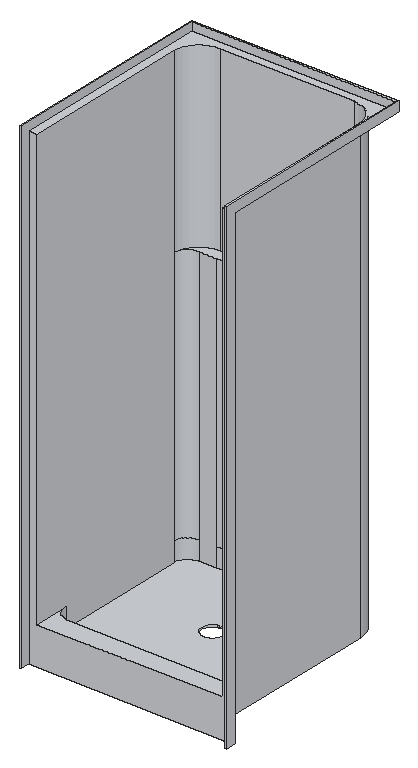
Revit family "OASIS SH-3232 ABF", category Plumbing Fixtures, Revit 2017
Family settings
  Round Connector Dimension = Use Diameter
  Part Type = Normal
  OmniClass Number = 23.45.05.14.21.11
  OmniClass Title = Bath/Shower Units
  Work Plane-Based = No
  Always vertical = Yes
  Cut with Voids When Loaded = No
  Shared = No
  Room Calculation Point = No
Parameters (values of type "Base Model, 3SF, 3SM, FH, FHV packages")
  Width [instance] = 32"
  Stainless steel = none
  Shower Rod = no
  Model = "SH-3232 ABF"
  URL = "www.oasisbath.com"
  Type Comments = "Shower"  # constant formula
  Seat Finish = none
  Sanitary Radius = 1 11/16"
  Sanitary Connector = "Sanitary Connection"  # constant formula
  Product Documentation Link [instance] = "www.oasisbath.com"
  Manufacturer = "OASIS"  # constant formula
  Hot Water Connector = "Hot Water Connection"  # constant formula
  Height [instance] = 74"
  Grab Bar Finish = none
  BIM Model By = "www.epoch-design.com"
  Description = ""
  Depth [instance] = 32"
  Color = none
  Cold Water Connector = "Cold Water Connection"  # constant formula
Reference planes (in)
  plane 1 "Back_Exterior": y = 0
  plane 2 "Floor": z = 0
  plane 3 "Center (Left/Right)": x = 0
Forms (in)
  Extrusion 1, solid, material <- "Color", detail levels medium+fine
    sketch origin (0, 0, 0) x (1, 0, 0) y (0, 1, 0)
      loop
        line (-16, 0) -> (-16, -33.25) -> (16, -33.25) -> (16, 0) -> (-16, 0)
    from 0 to 75.25
  Extrusion 2, void
    sketch origin (0, 0, 0) x (1, 0, 0) y (0, 1, 0)
      loop
        arc (10.375, -1.375) -> (13.3802, -2.6198) -> (14.625, -5.625) r 4.25
        line (14.625, -5.625) -> (14.625, -31.75) -> (16, -31.75) -> (16, 0) -> (-16, 0) -> (-16, -31.75) -> (-14.625, -31.75) -> (-14.625, -5.625)
        arc (-14.625, -5.625) -> (-13.3802, -2.6198) -> (-10.375, -1.375) r 4.25
        line (-10.375, -1.375) -> (10.375, -1.375)
    from 0 to 73.75128
  Extrusion 3, void
    sketch origin (0, 0, 0) x (1, 0, 0) y (0, 1, 0)
      loop
        line (10.375, -1.625) -> (-10.375, -1.625)
        arc (-10.375, -1.625) -> (-13.20343, -2.79657) -> (-14.375, -5.625) r 4
        line (-14.375, -5.625) -> (-14.375, -32) -> (14.375, -32) -> (14.375, -5.625)
        arc (14.375, -5.625) -> (13.20343, -2.79657) -> (10.375, -1.625) r 4
    from 46 to 75.25
  Extrusion 4, void
    sketch origin (0, 0, 0) x (1, 0, 0) y (0, 1, 0)
      loop
        arc (-14.375, -5.625) -> (-13.20343, -2.79657) -> (-10.375, -1.625) r 4
        line (-10.375, -1.625) -> (10.375, -1.625)
        arc (10.375, -1.625) -> (13.20343, -2.79657) -> (14.375, -5.625) r 4
        line (14.375, -5.625) -> (14.375, -33.25) -> (15.75, -33.25) -> (15.75, -0.25) -> (-15.75, -0.25) -> (-15.75, -33.25) -> (-14.375, -33.25) -> (-14.375, -5.625)
    from 74 to 75.25
  Extrusion 5, void
    sketch origin (0, 0, 0) x (1, 0, 0) y (0, 1, 0)
      loop
        line (15.75, -33.25) -> (15.75, -32) -> (-15.75, -32) -> (-15.75, -33.25) -> (15.75, -33.25)
    from 0 to 75.25
  Extrusion 6, void
    sketch origin (0, 0, 0) x (1, 0, 0) y (0, 1, 0)
      loop
        line (-14.375, -5.625) -> (-14.375, -33.25) -> (14.375, -33.25) -> (14.375, -5.625)
        arc (14.375, -5.625) -> (13.7343, -4.0782) -> (12.1875, -3.4375) r 2.1875
        line (12.1875, -3.4375) -> (9.33525, -3.4375)
        arc (9.33525, -3.4375) -> (7.43131, -2.95531) -> (5.98639, -1.625) r 4
        line (5.98639, -1.625) -> (-6.02614, -1.625)
        arc (-6.02614, -1.625) -> (-7.47106, -2.95531) -> (-9.375, -3.4375) r 4
        line (-9.375, -3.4375) -> (-12.1875, -3.4375)
        arc (-12.1875, -3.4375) -> (-13.7343, -4.0782) -> (-14.375, -5.625) r 2.1875
    from 6 to 46
  Extrusion 7, void
    sketch origin (0, 0, 0) x (1, 0, 0) y (0, 1, 0)
      loop
        line (-16, 0) -> (-16, -31.75) -> (16, -31.75) -> (16, 0) -> (-16, 0)
    from 0 to 2.75
  Extrusion 8, void
    sketch origin (0, 0, 0) x (1, 0, 0) y (0, 1, 0)
      loop
        line (-14.375, -5.625) -> (-14.375, -26.5)
        arc (-14.375, -26.5) -> (-13.78921, -27.91421) -> (-12.375, -28.5) r 2
        line (-12.375, -28.5) -> (12.375, -28.5)
        arc (12.375, -28.5) -> (13.78921, -27.91421) -> (14.375, -26.5) r 2
        line (14.375, -26.5) -> (14.375, -5.625)
        arc (14.375, -5.625) -> (13.7343, -4.0782) -> (12.1875, -3.4375) r 2.1875
        line (12.1875, -3.4375) -> (9.33525, -3.4375)
        arc (9.33525, -3.4375) -> (7.43131, -2.95531) -> (5.98639, -1.625) r 4
        line (5.98639, -1.625) -> (-6.02614, -1.625)
        arc (-6.02614, -1.625) -> (-7.47106, -2.95531) -> (-9.375, -3.4375) r 4
        line (-9.375, -3.4375) -> (-12.1875, -3.4375)
        arc (-12.1875, -3.4375) -> (-13.7343, -4.0782) -> (-14.375, -5.625) r 2.1875
    from 3 to 6
  Extrusion 9, void
    sketch origin (0, 0, 0) x (1, 0, 0) y (0, 1, 0)
      loop
        circle (0, -16) r 1.6875
    from 0 to 3
  Blend 10, void
    base sketch origin (0, 0, 0) x (1, 0, 0) y (0, 1, 0)
      loop
        arc (12.375, -28.5) -> (13.78921, -27.91421) -> (14.375, -26.5) r 2
        line (14.375, -26.5) -> (-14.375, -26.5)
        arc (-14.375, -26.5) -> (-13.78921, -27.91421) -> (-12.375, -28.5) r 2
        line (-12.375, -28.5) -> (12.375, -28.5)
    top sketch origin (0, 0, 0) x (1, 0, 0) y (0, 1, 0)
      loop
        arc (-14.375, -26.5) -> (-13.64277, -28.26777) -> (-11.875, -29) r 2.5
        line (-11.875, -29) -> (11.875, -29)
        arc (11.875, -29) -> (13.64277, -28.26777) -> (14.375, -26.5) r 2.5
        line (14.375, -26.5) -> (-14.375, -26.5)
    from 3 to 6
  Extrusion 11, solid, detail levels coarse
    sketch origin (0, 0, 0) x (1, 0, 0) y (0, 1, 0)
      loop
        line (-16, 0) -> (-16, -33.25) -> (16, -33.25) -> (16, 0) -> (-16, 0)
    from 0 to 75.25
Cuts and joins
  Extrusion 2, Extrusion 3, Extrusion 4, Extrusion 5, Extrusion 6, Extrusion 7, Extrusion 8, Extrusion 9, Blend 10 cuts Extrusion 1
Lines and regions (in)
  symbolic lines, style "PlumbingFixturesHiddenLines", detail levels coarse
    curve 1: line (-16, 0, 0) -> (16, -33.25, 0)
    curve 2: line (16, 0, 0) -> (-16, -33.25, 0)
    curve 3: line (-16, -16, 75.25) -> (16, -16, 0)
    curve 4: line (16, -16, 75.25) -> (-16, -16, 0)
    curve 5: line (0, -33.25, 75.25) -> (0, 0, 0)
    curve 6: line (0, 0, 75.25) -> (0, -33.25, 0)
  symbolic lines, detail levels medium+fine
    curve 7: line (0, -33.25, 0) -> (0, -33.25, 75.25)
    curve 8: line (0, 0, 74) -> (0, 0, 75.25)
    curve 9: line (0, -33.25, 75.25) -> (0, 0, 75.25)
    curve 10: line (0, -33.25, 0) -> (0, -32, 0)
    curve 11: line (0, -32, 74) -> (0, 0, 74)
    curve 12: line (0, -32, 6) -> (0, -29, 6)
    curve 13: line (0, -27.4375, 3) -> (0, -5, 3)
    curve 14: arc (0, -29, 4.5625) -> (0, -28.54235, 3.45765) -> (0, -27.4375, 3) r 1.5625
    curve 15: arc (0, -3.1875, 46) -> (0, -3.36428, 45.92678) -> (0, -3.4375, 45.75) r 0.25
    curve 16: line (0, -3.4375, 4.5625) -> (0, -3.4375, 45.75)
    curve 17: line (0, -3.1875, 46) -> (0, -1.625, 46)
    curve 18: line (0, -3.6875, 41) -> (0, -3.4375, 41)
    curve 19: line (0, -1.625, 46) -> (0, -1.625, 74)
    curve 20: line (0, -32, 0) -> (0, -32, 74)
    curve 21: line (0, -29, 4.5625) -> (0, -29, 6)
    curve 22: arc (0, -3.4375, 4.5625) -> (0, -3.89515, 3.45765) -> (0, -5, 3) r 1.5625
Dimensions and locks (in)
  locked: Extrusion 4 sketch curve to plane 1 "Back_Exterior" at 0.25
  aligned and locked: level to plane 2 "Floor"
Nested families (in)
  nested 1: "Label Annotation 1-16" at (0, -17.5, 0), type "Label Annotation 1-16", detail levels coarse
  nested 2: "Curtain Rod-A" at (-14.375, -30, 71) x (0, 1, 0) z (1, 0, 0), visible <- "Shower Rod", type "Curtain Rod-A", detail levels fine
    with Length 28 3/4"
Definition of nested family "Curtain Rod-A"
  Parameters (values of type "Curtain Rod-A")
    Length [instance] = 48"
    Default Elevation = 0"
    Curtain Rod Color = none
  Reference planes (in)
    plane 1 "Center (Front/Back)": y = 0
    plane 2: z = 0
    plane 3 "Center (Left/Right)": x = 0
  Forms (in)
    Extrusion 1, solid
      sketch origin (0, 0, 0) x (1, 0, 0) y (0, 1, 0)
        loop
          line (-48, 48) -> (-48, -48) -> (48, -48) -> (48, 48) -> (-48, 48)
      from 0 to -12
    Extrusion 2, solid
      sketch origin (0, 0, 0) x (1, 0, 0) y (0, 1, 0)
        loop
          circle (0, 0) r 0.5
      from 0 to 48 <- "Length"
  Lines and regions (in)
    symbolic lines
      curve 1: line (-0.5, 0, 48) -> (-0.5, 0, 0)
      curve 2: line (0.5, 0, 48) -> (0.5, 0, 0)
      curve 3: line (0.5, 0, 0) -> (-0.5, 0, 0)
      curve 4: line (0.5, 0, 48) -> (-0.5, 0, 48)
      curve 5: line (0, 0.5, 48) -> (0, -0.5, 48)
      curve 6: line (0, 0.5, 0) -> (0, -0.5, 0)
      curve 7: line (0, 0.5, 0) -> (0, 0.5, 48)
      curve 8: line (0, -0.5, 0) -> (0, -0.5, 48)
      curve 9: circle (0, 0, 0) r 0.5 normal (0, 0, 1)
  Dimensions and locks (in)
    aligned and locked: plane 2 to Extrusion 1
    aligned and locked: level to Extrusion 1
    aligned and locked: Extrusion 1 to curve 3
    aligned and locked: curve 4 to Extrusion 2
    aligned and locked: curve 5 to Extrusion 2
    aligned and locked: Extrusion 1 to curve 6
Definition of nested family "Label Annotation 1-16"
  Parameters
    Label = ""
  Reference planes (in)
    plane 1: y = 0
    plane 2: x = 0
  Text (in)
    label "Label" at (0.00375, -0.00345, 0), shows "Label"
